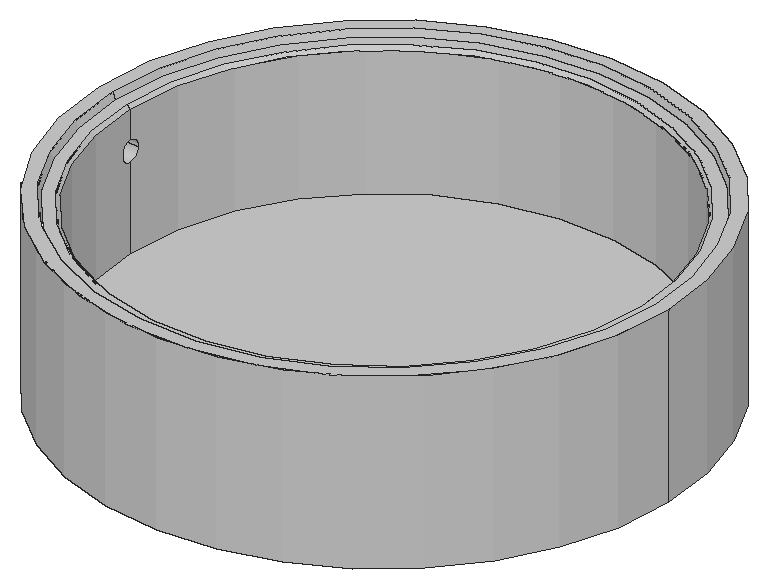
Revit family "KODF 15.5", category Фундамент несущей конструкции, Revit 2025
Family settings
  Материал для поведения модели = Прочее
  Заглушка = Нет
  Номер OmniClass = 23.25.05.00
  Заголовок OmniClass = Foundations
  На основе рабочей плоскости = Нет
  Всегда вертикально = Да
  При загрузке вырезать с полостями = Нет
  Общий = Нет
  Показывать семейство разрезанным на планах = Да
Parameters
  Петля = Петля_П1_П2 : П2
Reference planes
  plane 1 "По центру (Вперед/Назад)": y = -35
  plane 2: z = 0
  plane 3 "По центру (Влево/Вправо)": x = 0
  plane 4: z = 510
  plane 5: through (-794.295, -4572, 490) normal (-0.9408, 0, -0.3389)
  plane 6: z = 490
  plane 7: z = 480
  plane 8: through (-750, -4572, 480) normal (-0.7071, 0, -0.7071)
  plane 9: x = -750
  plane 10: x = -840
  plane 11: x = 750
  plane 12: x = 840
  plane 13: x = -801.5
  plane 14: through (750, -4572, 480) normal (-0.7071, 0, 0.7071)
  plane 15: through (794.295, -4572, 490) normal (-0.9408, 0, 0.3389)
  plane 16: x = 801.5
  plane 17: z = 370
  plane 18: x = 830
  plane 19: x = -830
  plane 20: z = 150
  plane 21: x = -650
  plane 22: x = 50
  plane 23: x = -300
Forms (mm)
  Extrusion 1, solid, material "Бетон В15"
    sketch origin (0, 0, 0) x (1, 0, 0) y (0, 1, 0)
      loop
        circle (0, -35) r 840
      loop
        circle (0, -35) r 750
    from 0 to 510
  Blend 2, void
    base sketch origin (0, 0, 0) x (1, 0, 0) y (0, 1, 0)
      loop
        circle (0, -35) r 750
    top sketch origin (0, 0, 0) x (1, 0, 0) y (0, 1, 0)
      loop
        circle (0, -35) r 760
    from 480 to 490
  Blend 3, void
    base sketch origin (0, 0, 0) x (1, 0, 0) y (0, 1, 0)
      loop
        circle (0, -35) r 794.295
    top sketch origin (0, 0, 0) x (1, 0, 0) y (0, 1, 0)
      loop
        circle (0, -35) r 801.5
    from 490 to 510
  Extrusion 4, void
    sketch origin (0, 0, 0) x (0, 1, 0) y (0, 0, 1)
      loop
        circle (-35, 370) r 30
    from -830 to 830
  Extrusion 5, solid, material "Бетон В15"
    sketch origin (0, 0, 0) x (1, 0, 0) y (0, 1, 0)
      loop
        circle (0, -35) r 750
    from 0 to 100
Cuts and joins
  Blend 2, Blend 3, Extrusion 4 cuts Extrusion 1
  joined: Extrusion 1, Extrusion 5
Dimensions and locks
  plane 4 to level = 510 mm
  plane 17 to level = 370 mm
  aligned and locked: plane 2 to level
